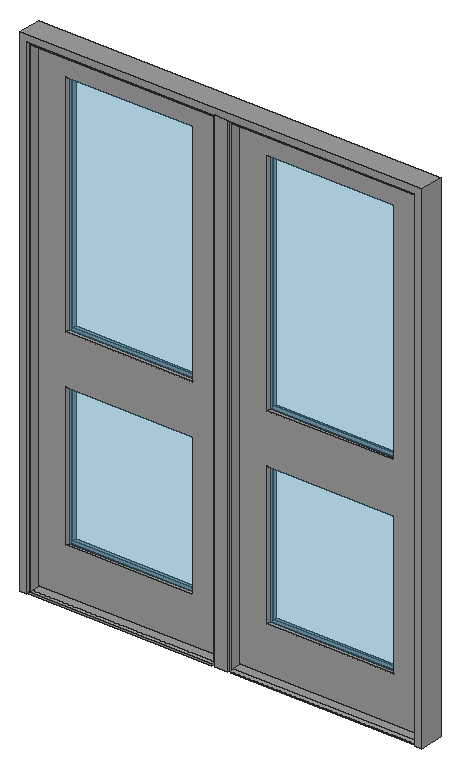
Revit family "WS-500TC DOOR-Double-1-PD-CJB-CW_v05", category Curtain Panels, Revit 2015
Parameters
  Width [instance] = 6' - 2"
  URL = "obe.com"
  Rough Width [instance] = 6' - 0"
  Panel Width [instance] = Min Panel Width  # 6' - 2 1/2"
  Panel Offset [instance] = 0' - 0"
  Offset [instance] = 0' - 1"
  Model = "WS-500TC DOOR"
  Min Rough Width [instance] = if(Rough Width > 6' 4 255/256", Rough Width, 6' 5")  # 6' - 5"
  Min Panel Width [instance] = if(Rough Width > 6' 4 255/256", Rough Width - 0' 2 1/2", 6' 2 1/2")  # 6' - 2 1/2"
  Manufacturer = "Oldcastle BuildingEnvelope®"
  Keynote = "08 11 00"
  Height [instance] = 8' - 0"
  Pushbar Height [instance] = 3' - 5 1/4"  # constant formula
  Glass Material = Glass
  Frame Material = Aluminum
  Door Panel Height [instance] = Height - 0' 0 21/32"  # 7' - 11 11/32"
  Description = "WS-500TC - 1\" Door Infill"
  Assembly Code = "B2030"
  Analytic Construction = "<None>"
  8 Bottom Rail [instance] = yes
  8 Muntin [instance] = not([4 Muntin])  # yes
  4 Muntin [instance] = no
  10 Bottom Rail [instance] = not([8 Bottom Rail])  # no
Reference planes (in)
  plane 1 "Front": y = 0
  plane 2: z = 0
  plane 3 "Center (Left/Right)": x = 0
  plane 4 "Left": x = -37
  plane 5 "Right": x = 37
  plane 6 "Top": z = 96
  plane 7 "Offset": y = -1
  plane 8: x = -38.5
  plane 9: x = 38.5
Forms (in)
  Sweep 1, solid, material "Aluminum" <- "Frame Material"
    path origin (0, -1, 0) x (-1, 0, 0) y (0, 0, 1)
      loop
        line (-38.5, 96) -> (-38.5, 0)
    profile origin (38.5, -1, 48) x (0, 1, 0) y (-1, 0, 0)
      loop
        line (0, 0) -> (0, 1.25) -> (-2.376, 1.25) -> (-2.376, 1.75) -> (-4.088, 1.75) -> (-4.088, 1.25) -> (-4.50055, 1.25) -> (-4.50055, 0) -> (0, 0)
  Sweep 2, solid, material "Aluminum" <- "Frame Material"
    path origin (0, -1, 0) x (-1, 0, 0) y (0, 0, 1)
      loop
        line (38.5, 96) -> (38.5, 0)
    profile origin (-38.5, -1, 48) x (0, 1, 0) y (-1, 0, 0)
      loop
        line (0, 0) -> (-4.50055, 0) -> (-4.50055, -1.25) -> (-4.088, -1.25) -> (-4.088, -1.75) -> (-2.376, -1.75) -> (-2.376, -1.25) -> (0, -1.25) -> (0, 0)
  Sweep 3, solid, material "Aluminum" <- "Frame Material"
    path origin (0, -1, 0) x (-1, 0, 0) y (0, 0, 1)
      loop
        line (38.5, 96) -> (-38.5, 96)
    profile origin (0, -1, 96) x (0, 0, -1) y (0, 1, 0)
      loop
        line (1.25, 0) -> (0, 0) -> (0, -4.50055) -> (1.25, -4.50055) -> (1.25, -4.088) -> (1.75, -4.088) -> (1.75, -2.376) -> (1.25, -2.376) -> (1.25, 0)
Cuts and joins
  joined: Sweep 1, Sweep 2, Sweep 3
Text (in)
  text "Exterior" at (-54.29358, 31.38743, 0), in view "Ref. Level"
  text "Exterior" at (480, 41.53993, 89.60405), in view "Right"
  text "Exterior" at (-240, 57.82419, 105.78864), in view "Left"
Dimensions and locks (in)
  equal spacing: plane 4 "Left", plane 3 "Center (Left/Right)", plane 5 "Right"
  "Width": plane 4 "Left" to plane 5 "Right"
  "Height": plane 6 "Top" to plane 2
  "Offset": plane 7 "Offset" to plane 1 "Front"
  equal spacing: plane 8, plane 3 "Center (Left/Right)", plane 9
  "Min Rough Width": plane 8 to plane 9
  aligned and locked: level to plane 2
  aligned and locked: plane 3 "Center (Left/Right)" to nested 1
  aligned and locked: plane 2 to Sweep 1 sketch curve
  aligned and locked: plane 6 "Top" to Sweep 1 sketch curve
  aligned and locked: plane 2 to Sweep 2 sketch curve
  aligned and locked: plane 6 "Top" to Sweep 2 sketch curve
  aligned and locked: plane 6 "Top" to Sweep 3 sketch curve
  aligned and locked: plane 8 to Sweep 2 sketch curve
  aligned and locked: Sweep 1 sketch curve to plane 9
  aligned and locked: plane 9 to Sweep 3 sketch curve
  aligned and locked: plane 8 to Sweep 3 sketch curve
Automatic sketch dimensions
  Sweep 2 sketch curve to profile plane = 0' - 0"
  Sweep 2 sketch curve to plane 7 "Offset" = 0' - 0"
  Sweep 2 sketch curve to plane 7 "Offset" = 0' - 2.376"
  Sweep 2 sketch curve to Sweep 2 sketch curve = 0' - 1.712"
  Sweep 2 sketch curve to Sweep 2 sketch curve = 0' - 0.41255"
  profile plane to Sweep 2 sketch curve = 0' - 1 1/4"  (x2)
  Sweep 2 sketch curve to Sweep 2 sketch curve = 0' - 0 1/2"
  Sweep 1 sketch curve to profile plane = 0' - 0"
  Sweep 1 sketch curve to plane 7 "Offset" = 0' - 0"
  Sweep 1 sketch curve to plane 7 "Offset" = 0' - 2.376"
  Sweep 1 sketch curve to Sweep 1 sketch curve = 0' - 1.712"
  Sweep 1 sketch curve to Sweep 1 sketch curve = 0' - 0.41255"
  Sweep 1 sketch curve to profile plane = 0' - 1 1/4"
  Sweep 1 sketch curve to Sweep 1 sketch curve = 0' - 1 1/4"
  Sweep 1 sketch curve to Sweep 1 sketch curve = 0' - 0 1/2"
  Sweep 3 sketch curve to plane 7 "Offset" = 0' - 0"
  Sweep 3 sketch curve to profile plane = 0' - 0"
  Sweep 3 sketch curve to Sweep 3 sketch curve = 0' - 1 1/4"  (x2)
  Sweep 3 sketch curve to Sweep 3 sketch curve = 0' - 0 1/2"
  Sweep 3 sketch curve to Sweep 3 sketch curve = 0' - 2.376"
  Sweep 3 sketch curve to Sweep 3 sketch curve = 0' - 1.712"
  Sweep 3 sketch curve to Sweep 3 sketch curve = 0' - 0.41255"
Nested families (in)
  nested 1: "WS-500TC-DOOR-Double-1-PD-CJB-Panel_v05" at (0, -15, 0), Frame Material <- "Frame Material", Glass Material <- "Glass Material", Width <- "Min Panel Width", Height <- "Door Panel Height", 4 Muntin <- "4 Muntin", 8 Bottom Rail <- "8 Bottom Rail", Offset <- "Offset", type "WS-500TC-DOOR-Double-1-PD-CJB-Panel_v05"
    with Wing Width 3' - 1 1/4", built-in parameter 1001301 6' - 2 1/2", Pushbar Height 3' - 5 1/4", Offset 0' - 1", built-in parameter 1001300 7' - 11 11/32", Glass at Muntin 0' - 8 9/16", Glass Material Glass, Frame Material Aluminum, Bottom Rail 0' - 8 29/32", 8 Muntin yes, 8 Bottom Rail yes, 4 Muntin no, 10 Bottom Rail no
Definition of nested family "WS-500TC-DOOR-Double-1-PD-CJB-Panel_v05"
  Parameters (values of type "WS-500TC-DOOR-Double-1-PD-CJB-Panel_v05")
    Wing Width [instance] = Width / 2  # 3' - 0"
    Width [instance] = 6' - 0"
    Pushbar Height [instance] = 3' - 5 1/4"  # constant formula
    Offset [instance] = 0' - 1"
    Height [instance] = 8' - 0"
    Glass at Muntin [instance] = if([4 Muntin], 0' 4 9/16", 0' 8 9/16")  # 0' - 8 9/16"
    Glass Material [instance] = none
    Frame Material [instance] = none
    Bottom Rail [instance] = if([10 Bottom Rail], 0' 10 29/32", 0' 8 29/32")  # 0' - 8 29/32"
    Analytic Construction = "<None>"
    8 Muntin [instance] = not([4 Muntin])  # yes
    10 Bottom Rail [instance] = not([8 Bottom Rail])  # no
    4 Muntin [instance] = no
    8 Bottom Rail [instance] = yes
  Reference planes (in)
    plane 1 "00": y = 12.75
    plane 2: z = 0
    plane 3 "Center (Left/Right)": x = 0
    plane 4: z = 96
    plane 5: x = -36
    plane 6: x = 36
    plane 7 "Center (Front/Back)": y = 15
    plane 8 "Exterior": y = 13.25
    plane 9: z = 48
    plane 10: z = 8.90625
    plane 11: z = 45.53125
    plane 12: z = 36.96875
    plane 13: z = 90.94129
    plane 14: z = 0
    plane 15: x = -30.56629
    plane 16: x = 30.5642
    plane 17 "Offset": y = 14
    plane 18: z = 41.25
  Forms (in)
    Sweep 1, solid, material <- "Frame Material"
      path origin (0, 12.75, 0) x (1, 0, 0) y (0, 0, 1)
        loop
          line (-35.74884, 96) -> (-1.50141, 96)
      profile origin (-18.62512, 12.75, 96) x (0, 0, 1) y (0, -1, 0)
        loop
          line (-0.59375, -1.12355) -> (-0.59375, 1.12745) -> (-5.46871, 1.12745) -> (-5.46871, 0.5) -> (-5.05871, 0.5) -> (-5.05871, -0.5) -> (-5.46871, -0.5) -> (-5.46871, -1.12355) -> (-0.59375, -1.12355)
    Sweep 2, solid, material <- "Frame Material"
      path origin (0, 12.75, 0) x (1, 0, 0) y (0, 0, 1)
        loop
          line (-1.50141, 0) -> (-35.74884, 0)
      profile origin (-18.62512, 12.75, 0) x (0, 0, -1) y (0, -1, 0)
        loop
          line (-4.93343, -1.12355) -> (-0.68754, -1.12355) -> (-0.68754, 1.12745) -> (-4.93343, 1.12745) -> (-9.4375, 1.12745) -> (-9.4375, 0.5) -> (-8.90625, 0.5) -> (-8.90625, -0.5) -> (-9.4375, -0.5) -> (-9.4375, -1.12355) -> (-4.93343, -1.12355)
    Sweep 3, solid, material <- "Frame Material"
      path origin (0, 12.75, 0) x (1, 0, 0) y (0, 0, 1)
        loop
          line (36, 95.40625) -> (36, 0.68754)
      profile origin (36, 12.75, 48.0469) x (0, -1, 0) y (1, 0, 0)
        loop
          line (-1.125, -0.09365) -> (-1.125, -5.84371) -> (-0.5, -5.84371) -> (-0.5, -5.4358) -> (0.5, -5.4358) -> (0.5, -5.84371) -> (1.12745, -5.84371) -> (1.12745, -0.25116) -> (-1.125, -0.09365)
    Sweep 4, solid, material <- "Frame Material"
      path origin (0, 12.75, 0) x (1, 0, 0) y (0, 0, 1)
        loop
          line (-36, 95.40625) -> (-36, 0.68754)
      profile origin (-36, 12.75, 48.0469) x (0, -1, 0) y (1, 0, 0)
        loop
          line (0.50002, 5.43371) -> (-0.49998, 5.43371) -> (-0.49998, 5.84371) -> (-1.12355, 5.84371) -> (-1.12355, 0.09375) -> (1.12745, 0.25116) -> (1.12745, 5.84371) -> (0.50002, 5.84371) -> (0.50002, 5.43371)
    Sweep 5, solid, material <- "Frame Material"
      path origin (0, 12.75, 0) x (1, 0, 0) y (0, 0, 1)
        loop
          line (-1.50141, 48) -> (-35.74884, 48)
      profile origin (-18.62512, 12.75, 48) x (0, 0, -1) y (0, -1, 0)
        loop
          line (1.93679, -0.5) -> (1.93679, -1.12355) -> (11.43671, -1.12355) -> (11.43671, -0.5) -> (11.03125, -0.5) -> (11.03125, 0.5) -> (11.43671, 0.5) -> (11.43671, 1.12745) -> (1.93679, 1.12745) -> (1.93679, 0.5) -> (2.46875, 0.5) -> (2.46875, -0.5) -> (1.93679, -0.5)
    Sweep 6, solid, material <- "Frame Material"
      path origin (0, 12.75, 0) x (1, 0, 0) y (0, 0, 1)
        loop
          line (0, 95.40625) -> (0, 0.68754)
      profile origin (0, 12.75, 48.0469) x (0, -1, 0) y (1, 0, 0)
        loop
          line (-1.12355, -7.09396) -> (-0.5, -7.09396) -> (-0.5, -6.68396) -> (0.5, -6.68396) -> (0.5, -7.09396) -> (1.12745, -7.09396) -> (1.12745, -1.50141) -> (-1.12355, -1.344) -> (-1.12355, -7.09396)
        loop
          line (1.12745, 7.09396) -> (0.4992, 7.09396) -> (0.4992, 6.68396) -> (-0.5, 6.68396) -> (-0.5, 7.09396) -> (-1.12355, 7.09396) -> (-1.12355, 1.344) -> (1.12745, 1.50141) -> (1.12745, 7.09396)
    Sweep 7, solid, material <- "Frame Material"
      path origin (0, 12.75, 0) x (1, 0, 0) y (0, 0, 1)
        loop
          line (1.50141, 96) -> (35.74884, 96)
      profile origin (18.62512, 12.75, 96) x (0, 0, 1) y (0, -1, 0)
        loop
          line (-0.59375, -1.12355) -> (-0.59375, 1.12745) -> (-3.83589, 1.12745) -> (-5.46871, 1.12745) -> (-5.46871, 0.5) -> (-5.05871, 0.5) -> (-5.05871, -0.5) -> (-5.46871, -0.5) -> (-5.46871, -1.12355) -> (-3.83589, -1.12355) -> (-0.59375, -1.12355)
    Sweep 8, solid, material <- "Frame Material"
      path origin (0, 12.75, 0) x (1, 0, 0) y (0, 0, 1)
        loop
          line (35.74884, 48) -> (1.50141, 48)
      profile origin (18.62513, 12.75, 48) x (0, 0, -1) y (0, -1, 0)
        loop
          line (1.93679, -0.5) -> (1.93679, -1.12355) -> (11.43671, -1.12355) -> (11.43671, -0.5) -> (11.03125, -0.5) -> (11.03125, 0.5) -> (11.43671, 0.5) -> (11.43671, 1.12745) -> (1.93679, 1.12745) -> (1.93679, 0.5) -> (2.46875, 0.5) -> (2.46875, -0.5) -> (1.93679, -0.5)
    Sweep 9, solid, material <- "Frame Material"
      path origin (0, 12.75, 0) x (1, 0, 0) y (0, 0, 1)
        loop
          line (35.74884, 0) -> (1.50141, 0)
      profile origin (18.62513, 12.75, 0) x (0, 0, -1) y (0, -1, 0)
        loop
          line (-3.49593, -1.12355) -> (-0.68754, -1.12355) -> (-0.68754, 1.12745) -> (-9.4375, 1.12745) -> (-9.4375, 0.5) -> (-8.90625, 0.5) -> (-8.90625, -0.5) -> (-9.4375, -0.5) -> (-9.4375, -1.12355) -> (-3.49593, -1.12355)
    Extrusion 10, solid, material <- "Glass Material", detail levels coarse
      sketch origin (0, 0, 0) x (1, 0, 0) y (0, 1, 0)
        loop
          line (6.68396, 12.25) -> (30.5642, 12.25) -> (30.5642, 13.25) -> (6.68396, 13.25) -> (6.68396, 12.25)
      from 36.96875 to 8.90625
    Extrusion 11, solid, material <- "Glass Material", detail levels medium+fine
      sketch origin (0, 0, 0) x (1, 0, 0) y (0, 1, 0)
        loop
          line (6.68396, 12.25) -> (30.5642, 12.25) -> (30.5642, 12.498) -> (6.68396, 12.498) -> (6.68396, 12.25)
        loop
          line (30.5642, 13.25) -> (6.68396, 13.25) -> (6.68396, 13.002) -> (30.5642, 13.002) -> (30.5642, 13.25)
      from 8.90625 to 36.96875
    Extrusion 12, solid, material <- "Glass Material", detail levels medium+fine
      sketch origin (0, 0, 0) x (1, 0, 0) y (0, 1, 0)
        loop
          line (6.68396, 13.25) -> (6.68396, 13.002) -> (30.5642, 13.002) -> (30.5642, 13.25) -> (6.68396, 13.25)
        loop
          line (30.5642, 12.25) -> (30.5642, 12.498) -> (6.68396, 12.498) -> (6.68396, 12.25) -> (30.5642, 12.25)
      from 45.53125 to 90.94129
    Extrusion 13, solid, material <- "Glass Material", detail levels coarse
      sketch origin (0, 0, 0) x (1, 0, 0) y (0, 1, 0)
        loop
          line (6.68396, 13.25) -> (6.68396, 12.25) -> (30.5642, 12.25) -> (30.5642, 13.25) -> (6.68396, 13.25)
      from 45.53125 to 90.94129
    Extrusion 14, solid, material <- "Glass Material", detail levels medium+fine
      sketch origin (0, 0, 0) x (1, 0, 0) y (0, 1, 0)
        loop
          line (-30.56629, 12.25) -> (-6.68396, 12.25) -> (-6.68396, 12.498) -> (-30.56629, 12.498) -> (-30.56629, 12.25)
        loop
          line (-6.68396, 13.25) -> (-30.56629, 13.25) -> (-30.56629, 13.002) -> (-6.68396, 13.002) -> (-6.68396, 13.25)
      from 8.90625 to 36.96875
    Extrusion 15, solid, material <- "Glass Material", detail levels coarse
      sketch origin (0, 0, 0) x (1, 0, 0) y (0, 1, 0)
        loop
          line (-30.56629, 13.25) -> (-30.56629, 12.25) -> (-6.68396, 12.25) -> (-6.68396, 13.25) -> (-30.56629, 13.25)
      from 45.53125 to 90.94129
    Extrusion 16, solid, material <- "Glass Material", detail levels coarse
      sketch origin (0, 0, 0) x (1, 0, 0) y (0, 1, 0)
        loop
          line (-30.56629, 12.25) -> (-6.68396, 12.25) -> (-6.68396, 13.25) -> (-30.56629, 13.25) -> (-30.56629, 12.25)
      from 8.90625 to 36.96875
    Extrusion 17, solid, material <- "Glass Material", detail levels medium+fine
      sketch origin (0, 0, 0) x (1, 0, 0) y (0, 1, 0)
        loop
          line (-30.56629, 13.25) -> (-30.56629, 13.002) -> (-6.68396, 13.002) -> (-6.68396, 13.25) -> (-30.56629, 13.25)
        loop
          line (-30.56629, 12.498) -> (-30.56629, 12.25) -> (-6.68396, 12.25) -> (-6.68396, 12.498) -> (-30.56629, 12.498)
      from 45.53125 to 90.94129
    Sweep 18, solid, material <- "Frame Material"
      path origin (-19, 12.75, 0) x (1, 0, 0) y (0, 0, 1)
        loop
          line (19, 95.40625) -> (19, 0)
      profile origin (0, 12.75, 47.70312) x (0, -1, 0) y (1, 0, 0)
        loop
          line (3.25145, 1.25) -> (2.83945, 1.25) -> (2.83945, 1.75) -> (1.12745, 1.75) -> (1.12745, 1.25) -> (-1.24855, 1.25) -> (-1.24855, -1.25) -> (1.12745, -1.25) -> (1.12745, -1.75) -> (2.83945, -1.75) -> (2.83945, -1.25) -> (3.25145, -1.25) -> (3.25145, 1.25)
    Sweep 19, solid, material <- "Frame Material"
      path origin (0, 14, 0) x (1, 0, 0) y (0, 0, 1)
        loop
          line (-1.75, 0) -> (-35.74884, 0)
      profile origin (-18.74942, 14, 0) x (0, 0, -1) y (0, -1, 0)
        loop
          line (-0.49954, 3.88246) -> (-0.49954, 0.38244) -> (-0.24955, -0.11755) -> (0, -0.11755) -> (0, 4.38245) -> (-0.24955, 4.38245) -> (-0.49954, 3.88246)
    Sweep 20, solid, material <- "Frame Material"
      path origin (0, 14, 0) x (1, 0, 0) y (0, 0, 1)
        loop
          line (35.74884, 0) -> (1.75, 0)
      profile origin (18.74942, 14, 0) x (0, 0, -1) y (0, -1, 0)
        loop
          line (-0.49954, 3.88246) -> (-0.49954, 0.38244) -> (-0.24955, -0.11755) -> (0, -0.11755) -> (0, 4.38245) -> (-0.24955, 4.38245) -> (-0.49954, 3.88246)
  Cuts and joins
    joined: Sweep 1, Sweep 2, Sweep 3, Sweep 4, Sweep 5, Sweep 6, Sweep 7, Sweep 8, Sweep 9
    joined: Sweep 18, Sweep 19, Sweep 20
  Lines and regions (in)
    model lines
      curve 1: line (7.09396, 13.25, 90.53129) -> (30.15899, 13.25, 48)
      curve 2: line (30.15899, 13.25, 48) -> (7.09396, 13.25, 9.4375)
      curve 3: line (-7.09396, 13.25, 90.54626) -> (-30.16108, 13.25, 48)
      curve 4: line (-30.16108, 13.25, 48) -> (-7.09396, 13.25, 9.4375)
  Dimensions and locks (in)
    "Height": plane 4 to level
    equal spacing: plane 5, plane 3 "Center (Left/Right)", plane 6
    "Offset": plane 17 "Offset" to plane 7 "Center (Front/Back)"
    plane 1 "00" to plane 8 "Exterior" to plane 17 "Offset" = 0' - 0 1/2" locked, 0' - 0 3/4" locked
    equal spacing: level, plane 9, plane 4
    locked: Sweep 7 sketch curve to plane 3 "Center (Left/Right)" at 1.50141
    plane 12 to Sweep 8 sketch curve = 0' - 0.40546"  (x2)
    Sweep 8 sketch curve to plane 11 = 0' - 0.53196"  (x2)
    locked: Sweep 9 sketch curve to plane 10 at 0.53125  (x2)
    locked: Sweep 2 sketch curve to plane 10 at 0.53125  (x2)
    locked: Sweep 5 sketch curve to plane 11 at 0.53196  (x2)
    locked: plane 12 to Sweep 5 sketch curve at 0.40546  (x2)
    equal spacing: plane 4, plane 9, plane 14
    locked: plane 4 to plane 13 at 5.05871
    Extrusion 14 sketch curve to Extrusion 14 sketch curve to plane 1 "00" to Extrusion 14 sketch curve to Extrusion 14 sketch curve = 0' - 0.248" locked, 0' - 0.252" locked, 0' - 0.252" locked, 0' - 0.248" locked
    Extrusion 16 sketch curve to plane 1 "00" to Extrusion 16 sketch curve = 0' - 0 1/2" locked, 0' - 0 1/2" locked
    Extrusion 17 sketch curve to Extrusion 17 sketch curve to plane 1 "00" to Extrusion 17 sketch curve to Extrusion 17 sketch curve = 0' - 0.248" locked, 0' - 0.252" locked, 0' - 0.252" locked, 0' - 0.248" locked
    Extrusion 15 sketch curve to plane 1 "00" to Extrusion 15 sketch curve = 0' - 0 1/2" locked, 0' - 0 1/2" locked
    Extrusion 13 sketch curve to plane 1 "00" to Extrusion 13 sketch curve = 0' - 0 1/2" locked, 0' - 0 1/2" locked
    Extrusion 12 sketch curve to Extrusion 12 sketch curve to plane 1 "00" to Extrusion 12 sketch curve to Extrusion 12 sketch curve = 0' - 0.248" locked, 0' - 0.252" locked, 0' - 0.252" locked, 0' - 0.248" locked
    Extrusion 11 sketch curve to Extrusion 11 sketch curve to plane 1 "00" to Extrusion 11 sketch curve to Extrusion 11 sketch curve = 0' - 0.248" locked, 0' - 0.252" locked, 0' - 0.252" locked, 0' - 0.248" locked
    Extrusion 10 sketch curve to plane 1 "00" to Extrusion 10 sketch curve = 0' - 0 1/2" locked, 0' - 0 1/2" locked
    "Bottom Rail": plane 10 to plane 14
    "Glass at Muntin": plane 11 to plane 12
    locked: plane 5 to plane 15 at 5.43371
    locked: plane 16 to plane 6 at 5.4358
    "Width": plane 5 to plane 6
    locked: plane 6 to Sweep 7 sketch curve at 0.25116
    equal spacing: plane 11, plane 18, plane 12
    "Pushbar Height": plane 18 to plane 14
    locked: Sweep 19 sketch curve to plane 5 at 0.25116
    locked: plane 3 "Center (Left/Right)" to Sweep 19 sketch curve at 1.75
    locked: Sweep 20 sketch curve to plane 3 "Center (Left/Right)" at 1.75
    locked: plane 14 to Sweep 3 sketch curve at 0.68754
    locked: plane 14 to Sweep 6 sketch curve at 0.68754
    locked: plane 3 "Center (Left/Right)" to Sweep 1 sketch curve at 1.50141
    locked: Sweep 1 sketch curve to plane 5 at 0.25116
    locked: plane 6 to Sweep 20 sketch curve at 0.25116
    aligned and locked: plane 2 to level
    aligned and locked: Sweep 1 sketch curve to plane 4
    aligned and locked: Sweep 2 sketch curve to level
    aligned and locked: Sweep 5 sketch curve to plane 9
    aligned and locked: plane 3 "Center (Left/Right)" to Sweep 6 sketch curve
    aligned and locked: Sweep 9 sketch curve to level
    aligned and locked: Sweep 8 sketch curve to plane 9
    aligned and locked: plane 4 to Sweep 7 sketch curve
    aligned and locked: Sweep 8 sketch curve to plane 11
    aligned and locked: plane 12 to Sweep 8 sketch curve
    aligned and locked: plane 10 to cut or joined group of Sweep 1, Sweep 2, Sweep 3, Sweep 4, Sweep 5, Sweep 6, Sweep 7, Sweep 8, Sweep 9
    aligned and locked: Extrusion 14 to plane 10
    aligned and locked: plane 12 to Extrusion 14
    aligned and locked: Extrusion 15 to plane 11
    aligned and locked: plane 13 to Extrusion 15
    aligned and locked: Extrusion 17 to plane 11
    aligned and locked: plane 13 to Extrusion 17
    aligned and locked: Extrusion 16 to plane 10
    aligned and locked: plane 12 to Extrusion 16
    aligned and locked: Extrusion 12 to plane 11
    aligned and locked: plane 11 to cut or joined group of Sweep 1, Sweep 2, Sweep 3, Sweep 4, Sweep 5, Sweep 6, Sweep 7, Sweep 8, Sweep 9
    aligned and locked: cut or joined group of Sweep 1, Sweep 2, Sweep 3, Sweep 4, Sweep 5, Sweep 6, Sweep 7, Sweep 8, Sweep 9 to plane 13
    aligned and locked: plane 13 to Extrusion 12
    aligned and locked: plane 13 to Extrusion 13
    aligned and locked: Extrusion 13 to plane 11
    aligned and locked: plane 12 to Extrusion 10
    aligned and locked: plane 12 to Extrusion 11
    aligned and locked: Extrusion 11 to plane 10
    aligned and locked: Extrusion 10 to plane 10
    aligned and locked: Sweep 7 sketch curve to plane 13
    aligned and locked: plane 11 to Sweep 5 sketch curve
    aligned and locked: Sweep 5 sketch curve to plane 12
    aligned and locked: plane 10 to Sweep 2 sketch curve
    aligned and locked: Sweep 1 sketch curve to plane 13
    aligned and locked: plane 9 to curve 4
    aligned and locked: Sweep 3 sketch curve to plane 6
    aligned and locked: Sweep 4 sketch curve to plane 5
    aligned and locked: plane 9 to curve 2
    aligned and locked: Sweep 18 sketch curve to plane 3 "Center (Left/Right)"
    aligned and locked: Sweep 19 sketch curve to plane 14
    aligned and locked: Sweep 20 sketch curve to plane 14
    aligned and locked: Sweep 3 sketch curve to Sweep 3 sketch curve
    aligned and locked: Sweep 6 sketch curve to curve 2  (x2)
    aligned and locked: plane 8 "Exterior" to Sweep 6 sketch curve
    aligned and locked: curve 4 to Sweep 6 sketch curve
    aligned and locked: Sweep 6 sketch curve to curve 4
    aligned and locked: Sweep 6 sketch curve to plane 8 "Exterior"
    aligned and locked: Sweep 4 sketch curve to Sweep 4 sketch curve
    aligned and locked: Sweep 6 sketch curve to Sweep 6 sketch curve  (x2)
    aligned and locked: Sweep 6 to Sweep 9 sketch curve
    aligned and locked: Sweep 9 sketch curve to Sweep 3
    aligned and locked: Sweep 6 to Sweep 8 sketch curve
    aligned and locked: Sweep 3 sketch curve to cut or joined group of Sweep 1, Sweep 2, Sweep 3, Sweep 4, Sweep 5, Sweep 6, Sweep 7, Sweep 8, Sweep 9
    aligned and locked: Sweep 6 to Sweep 18 sketch curve
    aligned and locked: Sweep 6 to Sweep 5 sketch curve
    aligned and locked: Sweep 2 sketch curve to Sweep 6
    aligned and locked: Extrusion 11 sketch curve to cut or joined group of Sweep 1, Sweep 2, Sweep 3, Sweep 4, Sweep 5, Sweep 6, Sweep 7, Sweep 8, Sweep 9  (x2)
    aligned and locked: Extrusion 11 sketch curve to Extrusion 11 sketch curve  (x2)
    aligned and locked: Extrusion 10 sketch curve to cut or joined group of Sweep 1, Sweep 2, Sweep 3, Sweep 4, Sweep 5, Sweep 6, Sweep 7, Sweep 8, Sweep 9  (x2)
    aligned and locked: Extrusion 13 sketch curve to cut or joined group of Sweep 1, Sweep 2, Sweep 3, Sweep 4, Sweep 5, Sweep 6, Sweep 7, Sweep 8, Sweep 9
    aligned and locked: Extrusion 13 sketch curve to Extrusion 10
    aligned and locked: cut or joined group of Sweep 1, Sweep 2, Sweep 3, Sweep 4, Sweep 5, Sweep 6, Sweep 7, Sweep 8, Sweep 9 to Extrusion 12 sketch curve
    aligned and locked: Extrusion 12 sketch curve to Extrusion 12 sketch curve  (x2)
    aligned and locked: Extrusion 12 sketch curve to cut or joined group of Sweep 1, Sweep 2, Sweep 3, Sweep 4, Sweep 5, Sweep 6, Sweep 7, Sweep 8, Sweep 9
    aligned and locked: Extrusion 17 sketch curve to Extrusion 17 sketch curve  (x2)
    aligned and locked: Extrusion 17 sketch curve to cut or joined group of Sweep 1, Sweep 2, Sweep 3, Sweep 4, Sweep 5, Sweep 6, Sweep 7, Sweep 8, Sweep 9  (x2)
    aligned and locked: Extrusion 15 sketch curve to cut or joined group of Sweep 1, Sweep 2, Sweep 3, Sweep 4, Sweep 5, Sweep 6, Sweep 7, Sweep 8, Sweep 9  (x2)
    aligned and locked: Extrusion 16 sketch curve to cut or joined group of Sweep 1, Sweep 2, Sweep 3, Sweep 4, Sweep 5, Sweep 6, Sweep 7, Sweep 8, Sweep 9
    aligned and locked: Extrusion 14 sketch curve to Extrusion 14 sketch curve  (x2)
    aligned and locked: Extrusion 14 sketch curve to cut or joined group of Sweep 1, Sweep 2, Sweep 3, Sweep 4, Sweep 5, Sweep 6, Sweep 7, Sweep 8, Sweep 9  (x2)
  Automatic sketch dimensions
    Sweep 2 sketch curve to plane 1 "00" = 0' - 1.12355"
    Sweep 2 sketch curve to Sweep 2 sketch curve = 0' - 3.97282"
    Sweep 2 sketch curve to Sweep 2 sketch curve = 0' - 0"
    Sweep 2 sketch curve to plane 1 "00" = 0' - 0 1/2"
    plane 1 "00" to Sweep 2 sketch curve = 0' - 0 1/2"
    plane 1 "00" to Sweep 2 sketch curve = 0' - 1.12745"
    Sweep 5 sketch curve to plane 1 "00" = 0' - 1.12355"
    Sweep 5 sketch curve to plane 1 "00" = 0' - 0 1/2"  (x2)
    plane 1 "00" to Sweep 5 sketch curve = 0' - 0 1/2"  (x2)
    Sweep 5 sketch curve to Sweep 5 sketch curve = 0' - 0.62745"
    Sweep 7 sketch curve to Sweep 7 sketch curve = 0' - 0.41"  (x2)
    Sweep 7 sketch curve to Sweep 7 sketch curve = 0' - 1.22282"  (x2)
    profile plane to Sweep 7 sketch curve = 0' - 0 19/32"
    Sweep 7 sketch curve to plane 1 "00" = 0' - 1.12355"
    Sweep 7 sketch curve to plane 1 "00" = 0' - 0 1/2"
    plane 1 "00" to Sweep 7 sketch curve = 0' - 0 1/2"
    plane 1 "00" to Sweep 7 sketch curve = 0' - 1.12745"
    Sweep 8 sketch curve to plane 1 "00" = 0' - 1.12355"
    Sweep 8 sketch curve to plane 1 "00" = 0' - 0 1/2"  (x2)
    plane 1 "00" to Sweep 8 sketch curve = 0' - 0 1/2"  (x2)
    Sweep 8 sketch curve to Sweep 8 sketch curve = 0' - 0.62745"
    Sweep 9 sketch curve to Sweep 9 sketch curve = 0' - 0 17/32"
    Sweep 9 sketch curve to plane 1 "00" = 0' - 1.12355"
    profile plane to Sweep 9 sketch curve = 0' - 3.49593"
    Sweep 9 sketch curve to plane 1 "00" = 0' - 0 1/2"
    plane 1 "00" to Sweep 9 sketch curve = 0' - 0 1/2"
    Sweep 9 sketch curve to Sweep 9 sketch curve = 0' - 0.62745"
    plane 15 to curve 3 = 0' - 0.40521"
    curve 2 to plane 16 = 0' - 0.40521"
    plane 10 to curve 4 = 0' - 0 17/32"
    plane 10 to curve 2 = 0' - 0 17/32"
    curve 1 to plane 13 = 0' - 0.41"
    curve 3 to plane 13 = 0' - 0.39503"
    Sweep 18 sketch curve to level = 0' - 0"
    Sweep 18 sketch curve to plane 1 "00" = 0' - 1.24855"
    plane 1 "00" to Sweep 18 sketch curve = 0' - 1.12745"  (x2)
    Sweep 18 sketch curve to Sweep 18 sketch curve = 0' - 1.712"  (x2)
    Sweep 18 sketch curve to Sweep 18 sketch curve = 0' - 0.412"
    profile plane to Sweep 18 sketch curve = 0' - 1 3/4"
    Sweep 18 sketch curve to Sweep 18 sketch curve = 0' - 0 1/2"  (x2)
    profile plane to Sweep 18 sketch curve = 0' - 1 1/4"
    Sweep 18 sketch curve to profile plane = 0' - 1 1/4"  (x2)
    curve 3 to plane 3 "Center (Left/Right)" = 0' - 7.09396"
    curve 4 to plane 3 "Center (Left/Right)" = 0' - 7.09396"
    plane 3 "Center (Left/Right)" to curve 2 = 0' - 7.09396"
    plane 3 "Center (Left/Right)" to curve 1 = 0' - 7.09396"
    profile plane to Sweep 9 sketch curve = 0' - 0.68754"
    profile plane to Sweep 2 sketch curve = 0' - 0.68754"
    profile plane to Sweep 19 sketch curve = 0' - 0.49954"
    plane 17 "Offset" to Sweep 19 sketch curve = 0' - 3.88246"
    profile plane to Sweep 19 sketch curve = 0' - 0.24955"  (x2)
    plane 17 "Offset" to Sweep 19 sketch curve = 0' - 0.38244"
    Sweep 19 sketch curve to plane 17 "Offset" = 0' - 0.11755"
    Sweep 19 sketch curve to Sweep 19 sketch curve = 0' - 0 1/2"
    Sweep 19 sketch curve to profile plane = 0' - 0"
    profile plane to Sweep 20 sketch curve = 0' - 0.49954"
    plane 17 "Offset" to Sweep 20 sketch curve = 0' - 3.88246"
    profile plane to Sweep 20 sketch curve = 0' - 0.24955"  (x2)
    plane 17 "Offset" to Sweep 20 sketch curve = 0' - 0.38244"
    Sweep 20 sketch curve to Sweep 20 sketch curve = 0' - 0 1/2"
    Sweep 20 sketch curve to plane 17 "Offset" = 0' - 0.11755"
    Sweep 20 sketch curve to profile plane = 0' - 0"
    Sweep 6 sketch curve to plane 1 "00" = 0' - 1.12355"
    plane 1 "00" to Sweep 6 sketch curve = 0' - 0.4992"
    Sweep 6 sketch curve to Sweep 6 sketch curve = 0' - 0.41"  (x2)
    plane 3 "Center (Left/Right)" to Sweep 9 sketch curve = 0' - 1.50141"
    Sweep 8 sketch curve to plane 6 = 0' - 0.25116"
    Sweep 1 sketch curve to Sweep 1 sketch curve = 0' - 0.41"  (x2)
    Sweep 1 sketch curve to plane 1 "00" = 0' - 1.12355"
    Sweep 1 sketch curve to plane 1 "00" = 0' - 0 1/2"
    plane 1 "00" to Sweep 1 sketch curve = 0' - 0 1/2"
    plane 1 "00" to Sweep 1 sketch curve = 0' - 1.12745"
    profile plane to Sweep 1 sketch curve = 0' - 0 19/32"
    level to Sweep 4 sketch curve = 0' - 0.68754"
    Sweep 4 sketch curve to plane 4 = 0' - 0 19/32"
    Sweep 6 sketch curve to plane 4 = 0' - 0 19/32"
    plane 5 to Sweep 5 sketch curve = 0' - 0.25116"
    plane 5 to Sweep 2 sketch curve = 0' - 0.25116"
    Extrusion 16 sketch curve to plane 3 "Center (Left/Right)" = 0' - 6.68396"
    Sweep 3 sketch curve to plane 1 "00" = 0' - 0 1/2"
    plane 1 "00" to Sweep 3 sketch curve = 0' - 0 1/2"
    profile plane to Sweep 3 sketch curve = 0' - 0.09365"
    plane 1 "00" to Sweep 4 sketch curve = 0' - 0 1/2"
    Sweep 4 sketch curve to plane 1 "00" = 0' - 0 1/2"
    Sweep 4 sketch curve to profile plane = 0' - 0 3/32"
    Sweep 3 sketch curve to plane 1 "00" = 0' - 1 1/8"
    profile plane to Sweep 3 sketch curve = 0' - 0.25116"
    plane 1 "00" to Sweep 3 sketch curve = 0' - 1.12745"
    Sweep 3 sketch curve to Sweep 3 sketch curve = 0' - 5.18464"
    Sweep 3 sketch curve to Sweep 3 sketch curve = 0' - 0.40791"
    Sweep 4 sketch curve to plane 1 "00" = 0' - 1.12355"
    Sweep 4 sketch curve to profile plane = 0' - 0.25116"
    plane 1 "00" to Sweep 4 sketch curve = 0' - 1.12745"
    Sweep 4 sketch curve to Sweep 4 sketch curve = 0' - 5.33996"
    Sweep 4 sketch curve to Sweep 4 sketch curve = 0' - 0.41"
    plane 1 "00" to Sweep 6 sketch curve = 0' - 0 1/2"
    Sweep 6 sketch curve to Sweep 6 sketch curve = 0' - 0.62825"
    profile plane to Sweep 6 sketch curve = 0' - 1.50141"
    profile plane to Sweep 6 sketch curve = 0' - 1.344"
    Sweep 6 sketch curve to profile plane = 0' - 1.344"
    Sweep 6 sketch curve to profile plane = 0' - 1.50141"
